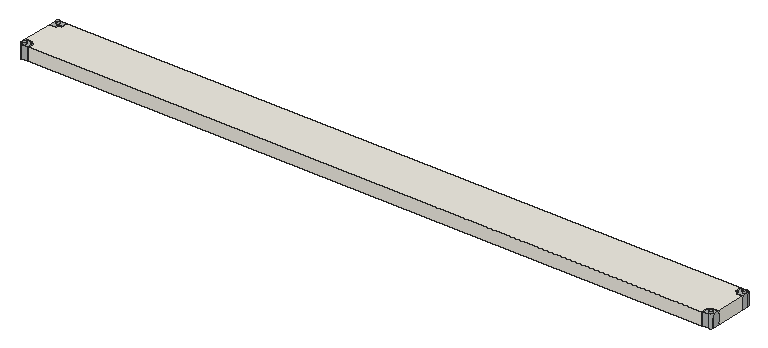
Revit family "HIGHTECH", category Осветительные приборы, Revit 2019 (continued)
Types (32, lengths in mm): name | Файл фотометрической сетки | built-in parameter 1150105 | Lumens | built-in parameter 1150106 | built-in parameter 1150142 | Wattage | Emit from Rectangle Width | Emit from Rectangle Length | Длина | Ширина | ADSK_Ток | ADSK_Полная мощность | ADSK_Обозначение | ADSK_Номинальная мощность | ADSK_Наименование | ADSK_Масса | ADSK_Код изделия
    98 0.098 0.098 0.098 0.098 0.098 0.098 0.000 0.000 0.000 0.000 \r\n1417.637 1418.525 1416.551 1412.506 1405.994 1396.621 1384.781 1369.783 1352.419 1332.587 1311.077 1287.003 1261.053 1233.427 1203.827 1172.549 1139.497 1104.963 \r\n1069.345 1032.345 994.260 954.892 914.932 873.887 832.152 789.824 747.101 704.082 660.176 616.565 572.462 527.864 484.254 439.855 395.849 352.337 309.714 268.076 227.722 188.157 \r\n148.295 112.578 78.933 47.360 19.042 0.592 0.592 0.493 0.493 0.493 0.493 0.493 0.493 0.493 0.493 0.395 0.395 0.395 0.395 0.395 0.395 0.395 0.395 0.296 0.296 0.296 0.296 0.296 0.296 0.296 0.296 0.197 \r\n0.197 0.197 0.197 0.197 0.197 0.197 0.197 0.098 0.098 0.098 0.098 0.098 0.098 0.098 0.098 0.000 0.000 0.000 0.000 \r\n1417.637 1418.525 1416.453 1412.309 1405.796 1396.325 1384.485 1369.388 1352.024 1332.192 1310.584 1286.509 1260.560 1232.835 1203.235 1171.958 1138.905 1104.371 \r\n1068.654 1031.655 993.569 954.202 914.143 873.098 831.460 789.133 746.410 703.392 659.485 615.874 571.870 527.273 483.662 439.262 395.257 351.844 309.319 267.583 227.229 187.762 \r\n148.000 112.282 78.637 47.163 18.845 0.592 0.592 0.493 0.493 0.493 0.493 0.493 0.493 0.493 0.493 0.395 0.395 0.395 0.395 0.395 0.395 0.395 0.395 0.296 0.296 0.296 0.296 0.296 0.296 0.296 0.296 0.197 \r\n0.197 0.197 0.197 0.197 0.197 0.197 0.197 0.098 0.098 0.098 0.098 0.098 0.098 0.098 0.098 0.000 0.000 0.000 0.000 \r\n1417.637 1418.426 1416.354 1412.211 1405.501 1396.029 1384.090 1369.093 1351.629 1331.797 1310.189 1286.016 1259.968 1232.341 1202.643 1171.366 1138.214 1103.680 \r\n1068.062 1030.964 992.878 953.511 913.452 872.407 830.770 788.442 745.818 702.799 658.893 615.283 571.179 526.680 483.070 438.769 394.763 351.350 308.826 267.188 226.834 187.466 \r\n147.703 111.987 78.440 46.866 18.648 0.592 0.592 0.493 0.493 0.493 0.493 0.493 0.493 0.493 0.493 0.395 0.395 0.395 0.395 0.395 0.395 0.395 0.395 0.296 0.296 0.296 0.296 0.296 0.296 0.296 0.296 0.197 \r\n0.197 0.197 0.197 0.197 0.197 0.197 0.197 0.098 0.098 0.098 0.098 0.098 0.098 0.098 0.098 0.000 0.000 0.000 0.000 \r\n1417.637 1418.426 1416.255 1412.013 1405.303 1395.831 1383.794 1368.698 1351.234 1331.304 1309.696 1285.522 1259.474 1231.750 1202.051 1170.675 1137.622 1103.089 \r\n1067.372 1030.273 992.188 952.820 912.762 871.716 830.079 787.751 745.127 702.109 658.202 614.593 570.587 526.088 482.478 438.177 394.171 350.857 308.332 266.793 226.439 187.071 \r\n147.309 111.690 78.144 46.670 18.451 0.592 0.592 0.493 0.493 0.493 0.493 0.493 0.493 0.493 0.493 0.395 0.395 0.395 0.395 0.395 0.395 0.395 0.395 0.296 0.296 0.296 0.296 0.296 0.296 0.296 0.296 0.197 \r\n0.197 0.197 0.197 0.197 0.197 0.197 0.197 0.098 0.098 0.098 0.098 0.098 0.098 0.098 0.098 0.000 0.000 0.000 0.000 \r\n1417.637 1418.327 1416.156 1411.816 1405.106 1395.535 1383.498 1368.304 1350.839 1330.909 1309.203 1285.029 1258.981 1231.256 1201.459 1170.083 1137.030 1102.398 \r\n1066.680 1029.681 991.497 952.129 912.071 871.026 829.388 787.061 744.437 701.418 657.512 613.901 569.995 525.398 481.886 437.585 393.678 350.364 307.938 266.300 226.044 186.676 \r\n147.012 111.493 77.848 46.472 18.154 0.592 0.592 0.493 0.493 0.493 0.493 0.493 0.493 0.493 0.493 0.395 0.395 0.395 0.395 0.395 0.395 0.395 0.395 0.296 0.296 0.296 0.296 0.296 0.296 0.296 0.296 0.197 \r\n0.197 0.197 0.197 0.197 0.197 0.197 0.197 0.098 0.098 0.098 0.098 0.098 0.098 0.098 0.098 0.000 0.000 0.000 0.000 \r\n1417.637 1418.327 1416.058 1411.716 1404.810 1395.240 1383.202 1367.909 1350.445 1330.514 1308.808 1284.536 1258.488 1230.664 1200.867 1169.491 1136.339 1101.806 \r\n1066.089 1028.991 990.807 951.438 911.381 870.335 828.698 786.370 743.746 700.728 656.920 613.310 569.304 524.806 481.294 437.091 393.185 349.871 307.444 265.905 225.650 186.381 \r\n146.717 111.197 77.650 46.176 17.957 0.592 0.592 0.493 0.493 0.493 0.493 0.493 0.493 0.493 0.493 0.395 0.395 0.395 0.395 0.395 0.395 0.395 0.395 0.296 0.296 0.296 0.296 0.296 0.296 0.296 0.296 0.197 \r\n0.197 0.197 0.197 0.197 0.197 0.197 0.197 0.098 0.098 0.098 0.098 0.098 0.098 0.098 0.098 0.000 0.000 0.000 0.000 \r\n1417.637 1418.229 1415.960 1411.519 1404.613 1394.943 1382.807 1367.612 1350.051 1330.119 1308.315 1284.043 1257.896 1230.072 1200.275 1168.899 1135.748 1101.116 \r\n1065.398 1028.300 990.115 950.748 910.689 869.644 828.007 785.679 743.056 700.037 656.229 612.619 568.713 524.214 480.702 436.499 392.593 349.377 306.951 265.511 225.255 185.986 \r\n146.421 110.901 77.355 45.978 17.759 0.592 0.592 0.493 0.493 0.493 0.493 0.493 0.493 0.493 0.493 0.395 0.395 0.395 0.395 0.395 0.395 0.395 0.395 0.296 0.296 0.296 0.296 0.296 0.296 0.296 0.296 0.197 \r\n0.197 0.197 0.197 0.197 0.197 0.197 0.197 0.098 0.098 0.098 0.098 0.098 0.098 0.098 0.098 0.000 0.000 0.000 0.000 \r\n1417.637 1418.229 1415.861 1411.421 1404.415 1394.746 1382.512 1367.219 1349.656 1329.626 1307.821 1283.549 1257.403 1229.579 1199.782 1168.209 1135.155 1100.523 \r\n1064.708 1027.609 989.425 950.057 909.998 868.855 827.317 784.989 742.365 699.347 655.538 611.928 568.021 523.622 480.110 436.006 392.100 348.884 306.556 265.017 224.860 185.591 \r\n146.026 110.605 77.157 45.781 17.464 0.592 0.592 0.493 0.493 0.493 0.493 0.493 0.493 0.493 0.493 0.395 0.395 0.395 0.395 0.395 0.395 0.395 0.395 0.296 0.296 0.296 0.296 0.296 0.296 0.296 0.296 0.197 \r\n0.197 0.197 0.197 0.197 0.197 0.197 0.197 0.098 0.098 0.098 0.098 0.098 0.098 0.098 0.098 0.000 0.000 0.000 0.000 \r\n1417.637 1418.130 1415.762 1411.223 1404.218 1394.450 1382.216 1366.824 1349.261 1329.231 1307.427 1283.056 1256.910 1228.987 1199.190 1167.616 1134.563 1099.833 \r\n1064.016 1026.918 988.833 949.367 909.308 868.165 826.625 784.298 741.674 698.656 654.946 611.336 567.430 523.030 479.518 435.414 391.606 348.391 306.063 264.623 224.465 185.196 \r\n145.730 110.309 76.861 45.485 17.266 0.592 0.592 0.493 0.493 0.493 0.493 0.493 0.493 0.493 0.493 0.395 0.395 0.395 0.395 0.395 0.395 0.395 0.395 0.296 0.296 0.296 0.296 0.296 0.296 0.296 0.296 0.197 \r\n0.197 0.197 0.197 0.197 0.197 0.197 0.197 0.098 0.098 0.098 0.098 0.098 0.098 0.098 0.098 0.000 0.000 0.000 0.000 \r\n1417.637 1418.130 1415.565 1411.026 1403.922 1394.154 1381.919 1366.527 1348.866 1328.837 1306.933 1282.563 1256.416 1228.494 1198.597 1167.024 1133.873 1099.241 \r\n1063.425 1026.228 988.143 948.676 908.519 867.474 825.935 783.608 740.983 698.064 654.256 610.646 566.739 522.438 478.926 434.822 391.014 347.897 305.569 264.229 224.072 184.901 \r\n145.434 110.013 76.565 45.288 17.069 0.592 0.592 0.493 0.493 0.493 0.493 0.493 0.493 0.493 0.493 0.395 0.395 0.395 0.395 0.395 0.395 0.395 0.395 0.296 0.296 0.296 0.296 0.296 0.296 0.296 0.296 0.197 \r\n0.197 0.197 0.197 0.197 0.197 0.197 0.197 0.098 0.098 0.098 0.098 0.098 0.098 0.098 0.098 0.000 0.000 0.000 0.000 \r\n1417.637 1418.031 1415.466 1410.928 1403.725 1393.858 1381.524 1366.133 1348.472 1328.443 1306.440 1282.070 1255.824 1227.901 1198.006 1166.433 1133.280 1098.550 \r\n1062.735 1025.537 987.451 947.887 907.829 866.784 825.244 782.916 740.293 697.373 653.565 610.053 566.147 521.747 478.334 434.328 390.521 347.404 305.175 263.735 223.677 184.506 \r\n145.039 109.717 76.368 44.992 16.871 0.592 0.592 0.493 0.493 0.493 0.493 0.493 0.493 0.493 0.493 0.395 0.395 0.395 0.395 0.395 0.395 0.395 0.395 0.296 0.296 0.296 0.296 0.296 0.296 0.296 0.296 0.197 \r\n0.197 0.197 0.197 0.197 0.197 0.197 0.197 0.098 0.098 0.098 0.098 0.098 0.098 0.098 0.098 0.000 0.000 0.000 0.000 \r\n1417.637 1418.031 1415.368 1410.730 1403.527 1393.562 1381.229 1365.738 1348.077 1327.949 1306.045 1281.575 1255.331 1227.310 1197.414 1165.841 1132.689 1097.958 \r\n1062.043 1024.846 986.761 947.196 907.137 866.092 824.554 782.226 739.602 696.683 652.973 609.363 565.456 521.155 477.742 433.737 390.028 346.910 304.681 263.341 223.282 184.111 \r\n144.743 109.421 76.072 44.794 16.576 0.592 0.592 0.493 0.493 0.493 0.493 0.493 0.493 0.493 0.493 0.395 0.395 0.395 0.395 0.395 0.395 0.395 0.395 0.296 0.296 0.296 0.296 0.296 0.296 0.296 0.296 0.197 \r\n0.197 0.197 0.197 0.197 0.197 0.197 0.197 0.098 0.098 0.098 0.098 0.098 0.098 0.098 0.098 0.000 0.000 0.000 0.000 \r\n1417.637 1417.932 1415.268 1410.533 1403.232 1393.365 1380.933 1365.443 1347.682 1327.555 1305.552 1281.082 1254.837 1226.816 1196.821 1165.150 1131.998 1097.267 \r\n1061.452 1024.254 986.070 946.506 906.447 865.401 823.863 781.535 738.912 695.991 652.282 608.672 564.864 520.563 477.150 433.145 389.436 346.417 304.287 262.946 222.887 183.815 \r\n144.448 109.125 75.874 44.597 16.378 0.592 0.592 0.493 0.493 0.493 0.493 0.493 0.493 0.493 0.493 0.395 0.395 0.395 0.395 0.395 0.395 0.395 0.395 0.296 0.296 0.296 0.296 0.296 0.296 0.296 0.296 0.197 \r\n0.197 0.197 0.197 0.197 0.197 0.197 0.197 0.098 0.098 0.098 0.098 0.098 0.098 0.098 0.098 0.000 0.000 0.000 0.000 \r\n1417.637 1417.932 1415.170 1410.434 1403.034 1393.069 1380.636 1365.048 1347.287 1327.160 1305.157 1280.589 1254.344 1226.225 1196.230 1164.558 1131.406 1096.675 \r\n1060.761 1023.564 985.380 945.815 905.756 864.613 823.173 780.845 738.221 695.301 651.592 608.080 564.174 519.971 476.558 432.652 388.943 345.924 303.794 262.453 222.492 183.420 \r\n144.151 108.829 75.579 44.301 16.181 0.592 0.592 0.493 0.493 0.493 0.493 0.493 0.493 0.493 0.493 0.395 0.395 0.395 0.395 0.395 0.395 0.395 0.395 0.296 0.296 0.296 0.296 0.296 0.296 0.296 0.296 0.197 \r\n0.197 0.197 0.197 0.197 0.197 0.197 0.197 0.098 0.098 0.098 0.098 0.098 0.098 0.098 0.098 0.000 0.000 0.000 0.000 \r\n1417.637 1417.834 1415.071 1410.237 1402.837 1392.772 1380.243 1364.653 1346.892 1326.765 1304.664 1280.096 1253.752 1225.730 1195.638 1163.965 1130.814 1095.984 \r\n1060.071 1022.873 984.689 945.124 905.066 863.922 822.482 780.154 737.531 694.610 651.000 607.390 563.581 519.379 475.966 432.059 388.350 345.431 303.300 262.058 222.098 183.026 \r\n143.757 108.533 75.282 44.104 15.983 0.592 0.592 0.493 0.493 0.493 0.493 0.493 0.493 0.493 0.493 0.395 0.395 0.395 0.395 0.395 0.395 0.395 0.395 0.296 0.296 0.296 0.296 0.296 0.296 0.296 0.296 0.197 \r\n0.197 0.197 0.197 0.197 0.197 0.197 0.197 0.098 0.098 0.098 0.098 0.098 0.098 0.098 0.098 0.000 0.000 0.000 0.000 \r\n1417.637 1417.834 1414.973 1410.138 1402.541 1392.477 1379.946 1364.258 1346.499 1326.272 1304.171 1279.603 1253.259 1225.139 1195.045 1163.374 1130.123 1095.393 \r\n1059.478 1022.183 983.999 944.433 904.375 863.231 821.792 779.464 736.840 693.920 650.309 606.699 562.891 518.787 475.374 431.566 387.857 344.937 302.906 261.663 221.703 182.730 \r\n143.461 108.237 75.085 43.906 15.688 0.592 0.592 0.493 0.493 0.493 0.493 0.493 0.493 0.493 0.493 0.395 0.395 0.395 0.395 0.395 0.395 0.395 0.395 0.296 0.296 0.296 0.296 0.296 0.296 0.296 0.296 0.197 \r\n0.197 0.197 0.197 0.197 0.197 0.197 0.197 0.098 0.098 0.098 0.098 0.098 0.098 0.098 0.098 0.000 0.000 0.000 0.000 \r\n1417.637 1417.736 1414.874 1409.940 1402.344 1392.181 1379.650 1363.962 1346.104 1325.877 1303.776 1279.109 1252.766 1224.547 1194.454 1162.782 1129.531 1094.702 \r\n1058.788 1021.492 983.308 943.742 903.684 862.540 821.100 778.773 736.148 693.327 649.618 606.107 562.298 518.096 474.782 430.974 387.364 344.444 302.412 261.170 221.308 182.335 \r\n143.165 108.040 74.789 43.611 15.490 0.592 0.592 0.493 0.493 0.493 0.493 0.493 0.493 0.493 0.493 0.395 0.395 0.395 0.395 0.395 0.395 0.395 0.395 0.296 0.296 0.296 0.296 0.296 0.296 0.296 0.296 0.197 \r\n0.197 0.197 0.197 0.197 0.197 0.197 0.197 0.098 0.098 0.098 0.098 0.098 0.098 0.098 0.098 0.000 0.000 0.000 0.000 \r\n1417.637 1417.736 1414.775 1409.743 1402.146 1391.984 1379.355 1363.568 1345.709 1325.482 1303.283 1278.616 1252.272 1224.054 1193.862 1162.091 1128.940 1094.110 \r\n1058.097 1020.801 982.617 943.052 902.994 861.850 820.410 778.082 735.458 692.637 649.027 605.416 561.608 517.504 474.190 430.383 386.772 343.951 301.918 260.775 220.913 181.941 \r\n142.770 107.743 74.592 43.413 15.293 0.592 0.592 0.493 0.493 0.493 0.493 0.493 0.493 0.493 0.493 0.395 0.395 0.395 0.395 0.395 0.395 0.395 0.395 0.296 0.296 0.296 0.296 0.296 0.296 0.296 0.296 0.197 \r\n0.197 0.197 0.197 0.197 0.197 0.197 0.197 0.098 0.098 0.098 0.098 0.098 0.098 0.098 0.098 0.000 0.000 0.000 0.000 \r\n1417.637 1417.637 1414.677 1409.645 1401.851 1391.688 1378.960 1363.173 1345.314 1325.088 1302.790 1278.123 1251.680 1223.461 1193.269 1161.499 1128.249 1093.518 \r\n1057.406 1020.110 981.926 942.361 902.204 861.159 819.719 777.391 734.867 691.946 648.335 604.726 561.017 516.913 473.598 429.888 386.279 343.458 301.524 260.380 220.519 181.644 \r\n142.474 107.448 74.296 43.216 15.096 0.592 0.592 0.493 0.493 0.493 0.493 0.493 0.493 0.493 0.493 0.395 0.395 0.395 0.395 0.395 0.395 0.395 0.395 0.296 0.296 0.296 0.296 0.296 0.296 0.296 0.296 0.197 \r\n0.197 0.197 0.197 0.197 0.197 0.197 0.197 0.098 0.098 0.098 0.098 0.098 0.098 0.098 0.098 0.000 0.000 0.000 0.000 \r\n1417.637 1417.637 1414.578 1409.447 1401.653 1391.391 1378.663 1362.877 1344.920 1324.693 1302.395 1277.630 1251.187 1222.968 1192.678 1160.908 1127.657 1092.827 \r\n1056.814 1019.419 981.236 941.671 901.514 860.369 819.028 776.701 734.175 691.256 647.645 604.133 560.326 516.320 473.006 429.297 385.785 342.963 301.030 259.887 220.125 181.249 \r\n142.178 107.152 74.099 42.920 14.800 0.592 0.592 0.493 0.493 0.493 0.493 0.493 0.493 0.493 0.493 0.395 0.395 0.395 0.395 0.395 0.395 0.395 0.395 0.296 0.296 0.296 0.296 0.296 0.296 0.296 0.296 0.197 \r\n0.197 0.197 0.197 0.197 0.197 0.197 0.197 0.098 0.098 0.098 0.098 0.098 0.098 0.098 0.098 0.000 0.000 0.000 0.000 \r\n1417.637 1417.538 1414.480 1409.250 1401.456 1391.096 1378.367 1362.482 1344.525 1324.200 1301.902 1277.136 1250.693 1222.376 1192.184 1160.315 1127.064 1092.235 \r\n1056.124 1018.828 980.545 940.980 900.823 859.679 818.338 776.010 733.485 690.565 647.054 603.443 559.734 515.728 472.414 428.705 385.193 342.470 300.537 259.492 219.730 180.856 \r\n141.882 106.855 73.802 42.723 14.602 0.592 0.592 0.493 0.493 0.493 0.493 0.493 0.493 0.493 0.493 0.395 0.395 0.395 0.395 0.395 0.395 0.395 0.395 0.296 0.296 0.296 0.296 0.296 0.296 0.296 0.296 0.197 \r\n0.197 0.197 0.197 0.197 0.197 0.197 0.197 0.098 0.098 0.098 0.098 0.098 0.098 0.098 0.098 0.000 0.000 0.000 0.000 \r\n1417.637 1417.538 1414.380 1409.152 1401.258 1390.898 1378.072 1362.087 1344.130 1323.805 1301.408 1276.643 1250.200 1221.784 1191.593 1159.625 1126.374 1091.545 \r\n1055.433 1018.137 979.855 940.290 900.133 858.988 817.647 775.221 732.794 689.875 646.362 602.851 559.043 515.137 471.822 428.212 384.700 341.977 300.142 259.097 219.335 180.559 \r\n141.487 106.560 73.506 42.525 14.405 0.592 0.592 0.493 0.493 0.493 0.493 0.493 0.493 0.493 0.493 0.395 0.395 0.395 0.395 0.395 0.395 0.395 0.395 0.296 0.296 0.296 0.296 0.296 0.296 0.296 0.296 0.197 \r\n0.197 0.197 0.197 0.197 0.197 0.197 0.197 0.098 0.098 0.098 0.098 0.098 0.098 0.098 0.098 0.000 0.000 0.000 0.000 \r\n1417.637 1417.439 1414.282 1408.954 1400.963 1390.603 1377.677 1361.792 1343.735 1323.410 1301.014 1276.149 1249.608 1221.291 1191.000 1159.032 1125.782 1090.953 \r\n1054.841 1017.446 979.164 939.500 899.442 858.298 816.957 774.530 732.103 689.184 645.672 602.160 558.451 514.446 471.230 427.619 384.108 341.484 299.649 258.604 218.940 180.165 \r\n141.191 106.264 73.309 42.229 14.208 0.592 0.592 0.493 0.493 0.493 0.493 0.493 0.493 0.493 0.493 0.395 0.395 0.395 0.395 0.395 0.395 0.395 0.395 0.296 0.296 0.296 0.296 0.296 0.296 0.296 0.296 0.197 \r\n0.197 0.197 0.197 0.197 0.197 0.197 0.197 0.098 0.098 0.098 0.098 0.098 0.098 0.098 0.098 0.000 0.000 0.000 0.000 \r\n1417.637 1417.439 1414.183 1408.855 1400.765 1390.306 1377.381 1361.397 1343.341 1323.015 1300.520 1275.656 1249.114 1220.699 1190.408 1158.440 1125.190 1090.262 \r\n1054.151 1016.755 978.473 938.809 898.750 857.607 816.266 773.839 731.413 688.592 645.080 601.469 557.859 513.854 470.638 427.126 383.615 340.990 299.254 258.209 218.546 179.770 \r\n140.896 105.967 73.013 42.031 13.912 0.592 0.592 0.493 0.493 0.493 0.493 0.493 0.493 0.493 0.493 0.395 0.395 0.395 0.395 0.395 0.395 0.395 0.395 0.296 0.296 0.296 0.296 0.296 0.296 0.296 0.296 0.197 \r\n0.197 0.197 0.197 0.197 0.197 0.197 0.197 0.098 0.098 0.098 0.098 0.098 0.098 0.098 0.098 0.000 0.000 0.000 0.000 \r\n1417.637 1417.341 1414.085 1408.658 1400.568 1390.010 1377.085 1361.002
